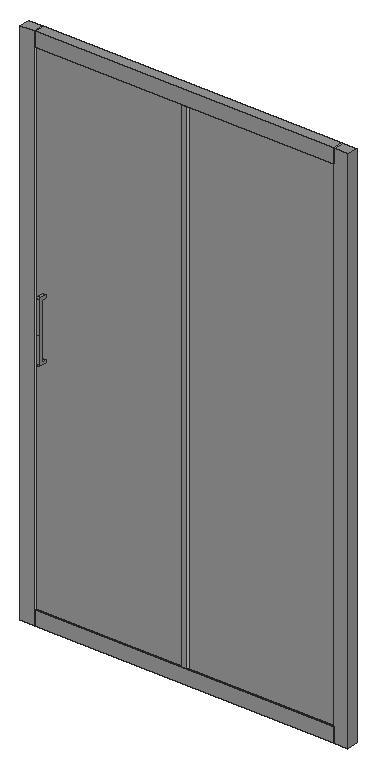
Revit family "MAMPARA AURA 1200X1950", category Generic Models, Revit 2019
Family settings
  Can host rebar = No
  Round Connector Dimension = Use Diameter
  Part Type = Normal
  Work Plane-Based = No
  Always vertical = Yes
  Cut with Voids When Loaded = No
  Shared = No
  Room Calculation Point = No
Reference planes
  plane 1 "Center (Front/Back)": y = 0
  plane 2: z = 0
  plane 3 "Center (Left/Right)": x = 0
Forms (mm)
  Extrusion 1, solid
    sketch origin (0, 0, 0) x (1, 0, 0) y (0, 0, 1)
      loop
        line (0, 0) -> (52, 0) -> (52, 1950) -> (0, 1950) -> (0, 0)
      loop
        line (1200, 1950) -> (1148, 1950) -> (1148, 0) -> (1200, 0) -> (1200, 1950)
    from 0 to 38.017
  Extrusion 2, solid
    sketch origin (0, 0, 0) x (1, 0, 0) y (0, 0, 1)
      loop
        line (52, 1950) -> (52, 1898) -> (1148, 1898) -> (1148, 1950) -> (52, 1950)
      loop
        line (52, 0) -> (1148, 0) -> (1148, 52) -> (52, 52) -> (52, 0)
    from 0 to 38.017
  Extrusion 3, solid
    sketch origin (0, 0, 0) x (1, 0, 0) y (0, 0, 1)
      loop
        line (590, 1898) -> (590, 52) -> (610, 52) -> (610, 1898) -> (590, 1898)
    from 0 to 38.017
  Extrusion 4, solid
    sketch origin (0, 0, 0) x (1, 0, 0) y (0, 0, 1)
      loop
        line (52, 1898) -> (52, 52) -> (1148, 52) -> (1148, 1898) -> (52, 1898)
    from 7.941 to 30.975
  Extrusion 5, solid
    sketch origin (0, 0, 0) x (0, 1, 0) y (0, 0, 1)
      loop
        line (-55.378, 975) -> (-55.378, 1088) -> (-38.017, 1088) -> (-38.017, 1098.476) -> (-61.699, 1098.476)
        arc (-61.699, 1098.476) -> (-63.077, 1097.905) -> (-63.648, 1096.528) r 1.949
        line (-63.648, 1096.528) -> (-63.648, 975) -> (-63.648, 877.663)
        arc (-63.648, 877.663) -> (-63.096, 876.331) -> (-61.763, 875.779) r 1.884
        line (-61.763, 875.779) -> (-38.017, 875.779) -> (-38.017, 884.315) -> (-55.378, 884.315) -> (-55.378, 975)
    from 80.756 to 92
Dimensions and locks
  aligned and locked: level to plane 2
